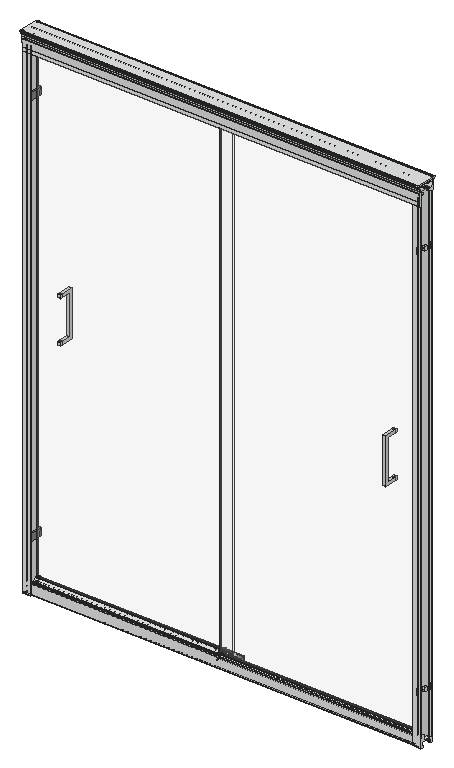
Revit family "Shower-Shower_Door-KOHLER-Fluence-K-702218", category Specialty Equipment, host Face, Revit 2021
Family settings
  Host = Face
  Round Connector Dimension = Use Diameter
  Part Type = Normal
  OmniClass Number = 23.31.17.17
  OmniClass Title = Shower Enclosures
  Cut with Voids When Loaded = No
  Shared = No
  Room Calculation Point = No
Parameters (values of type "SHP-Bright Polished Silver")
  Width [instance] = Walk thru + 31 177/256"  # 59 165/256"
  WaterSense Certified = 1 = 0  # no
  Walk thru [instance] = 27 61/64"
  URL = "https://www.us.kohler.com/us/"
  Type = 1
  Product Page URL = "https://www.us.kohler.com/us/catalog/productDetails.jsp?productId=702218-6L"
  Product Name = "Fluence\r\n"  # constant formula
  Product Documentation Link = "https://www.us.kohler.com/webassets/kpna/catalog/pdf/en/K-702218-6L_spec_US-CA_Kohler_en.pdf"
  Model = "K-702218-6L-SHP"  # constant formula
  Material = "Premium Metal Construction"  # constant formula
  Master Format 2014 Name = "Shower Doors"  # constant formula
  Master Format 2014 = "10 28 19.16"  # constant formula
  Manufacturer Address = "444 Highland Dr, Kohler, WI 53044"  # constant formula
  Manufacturer = "Kohler Co."  # constant formula
  Length = 4 165/256"  # constant formula
  Height = 75 23/32"  # constant formula
  Hardware Included = 1 = 1  # yes
  Finish = Kohler-Metal-SHP-Bright_Polished_Silver
  Environmental Product Declaration = ""
  Description = "54-5/8 Inch - 59-5/8 Inch W x 75-23/32 Inch H Sliding Shower Door With 1/4 Inch Thick Crystal Clear Glass"  # constant formula
  Default Elevation = 4"
  Declare Label = ""
  Date Modified = "08/17/2022"  # constant formula
  Date Created = "08/17/2022"  # constant formula
  Copyright = "Copyright Kohler Co."  # constant formula
  Contact Us = "https://www.us.kohler.com/us/static/contact.jsp"
  Assembly Code = "C1030200"
  ADA Compliant = 1 = 0  # no
Reference planes (in)
  plane 1 "Center (Front/Back)": y = 1.56652
  plane 2: z = 0
  plane 3 "Center (Left/Right)": x = 0
  plane 4: y = 3.89831
  plane 5: y = -0.74622
  plane 6: x = 29.11253
  plane 7: x = -30.532
  plane 8: x = 27.88913
  plane 9: z = 75.71875
  plane 10: z = 41.06021
  plane 11: z = 34.24721
  plane 12: z = 72.72675
  plane 13: x = -0.064
  plane 14: z = 1.62938
  plane 15: x = 24.62236
  plane 16: x = 25.12236
  plane 17: x = -26.06265
  plane 18: x = -26.5625
  plane 19: x = -3.0625
  plane 20: x = -1.439
  plane 21: x = 1.6129
  plane 22: z = 66.73713
  plane 23: z = 7.5
  plane 24: y = 3.134
  plane 25: y = 0
Dimensions and locks (in)
  locked: plane 7 to plane 3 "Center (Left/Right)" at 30.532
  "Width": plane 6 to plane 7
  locked: plane 13 to plane 7 at 30.468
  "Walk thru": plane 8 to plane 13
  plane 6 to plane 8 = 1.22341"
  plane 10 to plane 11 to level = 6.813", 34.24721"
  "Height": plane 9 to level
  "Length": plane 5 to plane 4
  locked: plane 15 to plane 6 at 4.49017
  locked: plane 16 to plane 6 at 3.99017
  aligned and locked: plane 2 to host face
  aligned and locked: level to host face
  aligned and locked: plane 3 "Center (Left/Right)" to nested 1
  aligned and locked: plane 6 to nested 1
  aligned and locked: plane 7 to nested 1
Automatic sketch dimensions
  host sketch curve to host sketch curve = 96"  (x2)
Nested families (in)
  nested 1: "K-702218" at (0, 0, 0), type "K-702218"
    with Width 59 165/256", Walk Thru 27.95162"
Definition of nested family "K-702218"
  Parameters (values of type "K-702218")
    Width = Walk Thru + 31.69291"  # 54.6063"
    Walk Thru = 22.91339"
    Material = none
    Default Elevation = 0"
  Reference planes (in)
    plane 1 "Center (Front/Back)": y = 0
    plane 2: z = 0
    plane 3 "Center (Left/Right)": x = 0
    plane 4: x = 24.0743
    plane 5: x = -30.532
    plane 6: y = 1.56652
    plane 7: x = 23.1673
    plane 8: y = 3.134
    plane 9: x = 22.84939
    plane 10: x = 23.5918
    plane 11: z = 75.71754
    plane 12: x = 19.58413
    plane 13: y = 3.89831
    plane 14: y = -0.74731
    plane 15: x = 20.08413
    plane 16: z = 34.24721
    plane 17 "wt": x = -0.064
    plane 18: x = -26.06265
    plane 19 "FP": x = -3.0625
    plane 20 "MP": x = 1.6129
    plane 21: x = -1.439
    plane 22: x = -26.5625
    plane 23: z = 72.72675
    plane 24: z = 1.62938
    plane 25: z = 41.06021
    plane 26: z = 66.73713
    plane 27: z = 7.5
  Forms (in)
    Extrusion 1, solid, material <- "Material", detail levels medium+fine
      sketch origin (29.093, 2.565, 0) x (0, 1, 0) y (0, 0, 1)
        loop
          line (-0.09022, 0.5137) -> (-0.22807, 0.5137)
          arc (-0.22807, 0.5137) -> (-0.25057, 0.4912) -> (-0.22807, 0.4687) r 0.0225
          line (-0.22807, 0.4687) -> (-0.06534, 0.4687)
          arc (-0.06534, 0.4687) -> (-0.05096, 0.46275) -> (-0.045, 0.44836) r 0.02034
          line (-0.045, 0.44836) -> (-0.045, 0.02241)
          arc (-0.045, 0.02241) -> (-0.0225, -0.00009) -> (0, 0.02241) r 0.0225
          line (0, 0.02241) -> (0, 0.53036) -> (-0.02, 0.565) -> (0, 0.59964) -> (0, 0.6346)
          arc (0, 0.6346) -> (-0.02337, 0.69243) -> (-0.08035, 0.71781) r 0.08326
          line (-0.08035, 0.71781) -> (-1.58747, 0.77044)
          arc (-1.58747, 0.77044) -> (-1.60203, 0.77692) -> (-1.608, 0.7917) r 0.02127
          line (-1.608, 0.7917) -> (-1.608, 0.88625)
          arc (-1.608, 0.88625) -> (-1.60222, 0.90022) -> (-1.58825, 0.906) r 0.01975
          line (-1.58825, 0.906) -> (-1.53212, 0.906)
          arc (-1.53212, 0.906) -> (-1.51817, 0.91194) -> (-1.51279, 0.92611) r 0.01935
          line (-1.51279, 0.92611) -> (-1.53698, 1.5443)
          arc (-1.53698, 1.5443) -> (-1.55307, 1.58284) -> (-1.59045, 1.60147) r 0.05985
          line (-1.59045, 1.60147) -> (-1.86846, 1.63103)
          arc (-1.86846, 1.63103) -> (-1.91436, 1.61616) -> (-1.934, 1.57209) r 0.05927
          line (-1.934, 1.57209) -> (-1.934, 0.01987)
          arc (-1.934, 0.01987) -> (-1.92818, 0.00582) -> (-1.91413, 0) r 0.01987
          line (-1.91413, 0) -> (-1.86764, 0)
          arc (-1.86764, 0) -> (-1.85362, 0.00828) -> (-1.85411, 0.02454) r 0.016
          arc (-1.85411, 0.02454) -> (-1.86729, 0.04224) -> (-1.88302, 0.05771) r 0.14406
          arc (-1.88302, 0.05771) -> (-1.8878, 0.0779) -> (-1.86988, 0.08836) r 0.01743
          arc (-1.86988, 0.08836) -> (-1.82545, 0.07962) -> (-1.78313, 0.06353) r 0.26803
          arc (-1.78313, 0.06353) -> (-1.74156, 0.07912) -> (-1.69803, 0.08787) r 0.27692
          arc (-1.69803, 0.08787) -> (-1.68058, 0.07794) -> (-1.68489, 0.05834) r 0.01692
          arc (-1.68489, 0.05834) -> (-1.70097, 0.0415) -> (-1.71379, 0.02207) r 0.13018
          arc (-1.71379, 0.02207) -> (-1.71346, 0.0073) -> (-1.7006, 0) r 0.01498
          line (-1.7006, 0) -> (-1.65471, 0)
          arc (-1.65471, 0) -> (-1.64006, 0.00606) -> (-1.634, 0.02071) r 0.02071
          line (-1.634, 0.02071) -> (-1.634, 0.08606)
          arc (-1.634, 0.08606) -> (-1.65237, 0.12719) -> (-1.69526, 0.14096) r 0.05523
          arc (-1.69526, 0.14096) -> (-1.74073, 0.13181) -> (-1.78385, 0.11476) r 0.26071
          arc (-1.78385, 0.11476) -> (-1.82519, 0.1319) -> (-1.86875, 0.14215) r 0.27697
          arc (-1.86875, 0.14215) -> (-1.88324, 0.15018) -> (-1.889, 0.16571) r 0.02382
          line (-1.889, 0.16571) -> (-1.889, 1.55999)
          arc (-1.889, 1.55999) -> (-1.88066, 1.57869) -> (-1.86118, 1.585) r 0.02516
          line (-1.86118, 1.585) -> (-1.60441, 1.5577)
          arc (-1.60441, 1.5577) -> (-1.58845, 1.54975) -> (-1.58158, 1.5333) r 0.02555
          line (-1.58158, 1.5333) -> (-1.5598, 0.9768)
          arc (-1.5598, 0.9768) -> (-1.568, 0.95699) -> (-1.58837, 0.95031) r 0.02565
          arc (-1.58837, 0.95031) -> (-1.6336, 0.93599) -> (-1.653, 0.8927) r 0.05799
          line (-1.653, 0.8927) -> (-1.653, 0.79158)
          arc (-1.653, 0.79158) -> (-1.63443, 0.74563) -> (-1.58916, 0.72547) r 0.06615
          line (-1.58916, 0.72547) -> (-0.27166, 0.67946)
          arc (-0.27166, 0.67946) -> (-0.25085, 0.6677) -> (-0.24852, 0.64391) r 0.02591
          arc (-0.24852, 0.64391) -> (-0.24647, 0.62474) -> (-0.22944, 0.6157) r 0.02056
          line (-0.22944, 0.6157) -> (-0.0898, 0.6157)
          arc (-0.0898, 0.6157) -> (-0.0758, 0.6099) -> (-0.07, 0.5959) r 0.0198
          line (-0.07, 0.5959) -> (-0.07, 0.53392)
          arc (-0.07, 0.53392) -> (-0.07592, 0.51963) -> (-0.09022, 0.5137) r 0.02022
      from -59.625 to -5.0187
    Extrusion 2, void
      sketch origin (0, 0, 0) x (0, 1, 0) y (0, 0, 1)
        loop
          line (1.00655, 1.63166) -> (0.58649, 1.66896) -> (0.58649, -0.19685) -> (2.5527, -0.19685) -> (2.5527, 0.74642) -> (1.14238, 0.79512)
          arc (1.14238, 0.79512) -> (1.10316, 0.81216) -> (1.0861, 0.85138) r 0.05833
          line (1.0861, 0.85138) -> (1.06084, 1.57438)
          arc (1.06084, 1.57438) -> (1.04453, 1.61329) -> (1.00655, 1.63166) r 0.0596
      from 22.84939 to 24.0743
    Extrusion 3, solid, material <- "Material", detail levels medium+fine
      sketch origin (0, 0, 0) x (1, 0, 0) y (0, 1, 0)
        loop
          line (-30.532, 2.615) -> (-30.532, 2.565) -> (-30.06986, 2.565)
          arc (-30.06986, 2.565) -> (-30.05582, 2.55918) -> (-30.05, 2.54514) r 0.01986
          line (-30.05, 2.54514) -> (-30.05, 0.60711)
          arc (-30.05, 0.60711) -> (-30.0562, 0.5922) -> (-30.07114, 0.58608) r 0.02103
          arc (-30.07114, 0.58608) -> (-30.30165, 0.58407) -> (-30.532, 0.57549) r 8.08435
          line (-30.532, 0.57549) -> (-30.532, 0.52591)
          arc (-30.532, 0.52591) -> (-29.94328, 0.53519) -> (-29.35471, 0.51888) r 13.54177
          arc (-29.35471, 0.51888) -> (-29.32915, 0.54196) -> (-29.35215, 0.5676) r 0.0244
          arc (-29.35215, 0.5676) -> (-29.66551, 0.58093) -> (-29.97912, 0.58597) r 11.87416
          arc (-29.97912, 0.58597) -> (-29.99389, 0.59213) -> (-30, 0.60691) r 0.02094
          line (-30, 0.60691) -> (-30, 2.573)
          arc (-30, 2.573) -> (-30.0123, 2.6027) -> (-30.042, 2.615) r 0.042
          line (-30.042, 2.615) -> (-30.532, 2.615)
      from 0 to 74.25
    Extrusion 4, solid, material <- "Material", detail levels medium+fine
      sketch origin (0, 0, 14.5694) x (0, 1, 0) y (0, 0, 1)
        loop
          line (2.03453, 61.04577) -> (2.99224, 61.04577)
          arc (2.99224, 61.04577) -> (3.00657, 61.03688) -> (3.00499, 61.0201) r 0.016
          arc (3.00499, 61.0201) -> (2.87918, 60.81442) -> (2.7966, 60.58789) r 1.211
          arc (2.7966, 60.58789) -> (2.71637, 60.22238) -> (2.66101, 59.85229) r 5.54
          arc (2.66101, 59.85229) -> (2.65362, 59.83805) -> (2.63863, 59.83234) r 0.02252
          line (2.63863, 59.83234) -> (2.48969, 59.83234)
          arc (2.48969, 59.83234) -> (2.47471, 59.82614) -> (2.4685, 59.81115) r 0.02119
          line (2.4685, 59.81115) -> (2.4685, 59.76897)
          arc (2.4685, 59.76897) -> (2.40117, 59.74779) -> (2.33201, 59.7337) r 0.68162
          arc (2.33201, 59.7337) -> (2.26784, 59.74404) -> (2.20551, 59.76251) r 0.50723
          arc (2.20551, 59.76251) -> (2.19317, 59.77202) -> (2.1885, 59.78689) r 0.02597
          line (2.1885, 59.78689) -> (2.1885, 59.88261)
          arc (2.1885, 59.88261) -> (2.16043, 59.88224) -> (2.1465, 59.85787) r 0.02829
          line (2.1465, 59.85787) -> (2.1465, 59.78781)
          arc (2.1465, 59.78781) -> (2.15528, 59.75294) -> (2.17952, 59.72637) r 0.07368
          arc (2.17952, 59.72637) -> (2.25361, 59.69187) -> (2.33455, 59.6806) r 0.27578
          arc (2.33455, 59.6806) -> (2.43391, 59.70024) -> (2.51946, 59.75445) r 0.27556
          arc (2.51946, 59.75445) -> (2.53463, 59.764) -> (2.55224, 59.76734) r 0.04811
          line (2.55224, 59.76734) -> (2.62922, 59.76734)
          arc (2.62922, 59.76734) -> (2.64424, 59.7608) -> (2.64968, 59.74533) r 0.02051
          arc (2.64968, 59.74533) -> (2.62367, 59.27166) -> (2.615, 58.79734) r 12.97575
          line (2.615, 58.79734) -> (2.615, 58.15734) -> (2.68, 58.15734) -> (2.68, 58.79734)
          arc (2.68, 58.79734) -> (2.69845, 59.40018) -> (2.75373, 60.00077) r 9.85743
          arc (2.75373, 60.00077) -> (2.77708, 60.15688) -> (2.80851, 60.31156) r 3.03223
          arc (2.80851, 60.31156) -> (2.83126, 60.42118) -> (2.85309, 60.53098) r 13.47898
          arc (2.85309, 60.53098) -> (2.89321, 60.67667) -> (2.95509, 60.81453) r 0.98771
          arc (2.95509, 60.81453) -> (2.99248, 60.88017) -> (3.03239, 60.94432) r 1.95097
          arc (3.03239, 60.94432) -> (3.04978, 60.97018) -> (3.06801, 60.99546) r 0.95804
          arc (3.06801, 60.99546) -> (3.09308, 61.0265) -> (3.12047, 61.05551) r 0.51768
          arc (3.12047, 61.05551) -> (3.13048, 61.07026) -> (3.134, 61.08773) r 0.04512
          line (3.134, 61.08773) -> (3.134, 61.11926)
          arc (3.134, 61.11926) -> (3.11557, 61.14398) -> (3.08477, 61.14528) r 0.03588
          arc (3.08477, 61.14528) -> (3.01387, 61.12322) -> (2.94, 61.11577) r 0.36985
          line (2.94, 61.11577) -> (0.194, 61.11577)
          arc (0.194, 61.11577) -> (0.12013, 61.12322) -> (0.04923, 61.14528) r 0.36985
          arc (0.04923, 61.14528) -> (0.01843, 61.14398) -> (0, 61.11926) r 0.03588
          line (0, 61.11926) -> (0, 61.08773)
          arc (0, 61.08773) -> (0.00352, 61.07026) -> (0.01353, 61.05551) r 0.04512
          arc (0.01353, 61.05551) -> (0.04092, 61.0265) -> (0.06599, 60.99546) r 0.51768
          arc (0.06599, 60.99546) -> (0.08422, 60.97018) -> (0.10161, 60.94432) r 0.95804
          arc (0.10161, 60.94432) -> (0.14152, 60.88017) -> (0.17891, 60.81453) r 1.95097
          arc (0.17891, 60.81453) -> (0.24079, 60.67667) -> (0.28091, 60.53098) r 0.98771
          arc (0.28091, 60.53098) -> (0.30274, 60.42118) -> (0.32549, 60.31156) r 13.47898
          arc (0.32549, 60.31156) -> (0.35692, 60.15688) -> (0.38027, 60.00077) r 3.03223
          arc (0.38027, 60.00077) -> (0.43555, 59.40018) -> (0.454, 58.79734) r 9.85743
          line (0.454, 58.79734) -> (0.454, 58.15734) -> (0.519, 58.15734) -> (0.519, 58.79734)
          arc (0.519, 58.79734) -> (0.51033, 59.27166) -> (0.48432, 59.74533) r 12.97575
          arc (0.48432, 59.74533) -> (0.48976, 59.7608) -> (0.50478, 59.76734) r 0.02051
          line (0.50478, 59.76734) -> (0.58176, 59.76734)
          arc (0.58176, 59.76734) -> (0.59937, 59.764) -> (0.61454, 59.75445) r 0.04811
          arc (0.61454, 59.75445) -> (0.70009, 59.70024) -> (0.79945, 59.6806) r 0.27556
          arc (0.79945, 59.6806) -> (0.88039, 59.69187) -> (0.95448, 59.72637) r 0.27578
          arc (0.95448, 59.72637) -> (0.97872, 59.75294) -> (0.9875, 59.78781) r 0.07368
          line (0.9875, 59.78781) -> (0.9875, 59.85787)
          arc (0.9875, 59.85787) -> (0.97357, 59.88224) -> (0.9455, 59.88261) r 0.02829
          line (0.9455, 59.88261) -> (0.9455, 59.78689)
          arc (0.9455, 59.78689) -> (0.94083, 59.77202) -> (0.92849, 59.76251) r 0.02597
          arc (0.92849, 59.76251) -> (0.86616, 59.74404) -> (0.80199, 59.7337) r 0.50723
          arc (0.80199, 59.7337) -> (0.73283, 59.74779) -> (0.6655, 59.76897) r 0.68162
          line (0.6655, 59.76897) -> (0.6655, 59.81115)
          arc (0.6655, 59.81115) -> (0.65929, 59.82614) -> (0.64431, 59.83234) r 0.02119
          line (0.64431, 59.83234) -> (0.49537, 59.83234)
          arc (0.49537, 59.83234) -> (0.48038, 59.83805) -> (0.47299, 59.85229) r 0.02252
          arc (0.47299, 59.85229) -> (0.41763, 60.22238) -> (0.3374, 60.58789) r 5.54
          arc (0.3374, 60.58789) -> (0.25482, 60.81442) -> (0.12901, 61.0201) r 1.211
          arc (0.12901, 61.0201) -> (0.12743, 61.03688) -> (0.14176, 61.04577) r 0.016
          line (0.14176, 61.04577) -> (1.09947, 61.04577) -> (1.09947, 60.8338)
          arc (1.09947, 60.8338) -> (1.09611, 60.81865) -> (1.08667, 60.80634) r 0.03584
          line (1.08667, 60.80634) -> (1.0005, 60.73404) -> (1.0005, 60.66877) -> (1.14947, 60.79377) -> (1.14947, 61.04577) -> (1.98453, 61.04577) -> (1.98453, 60.79377) -> (2.1335, 60.66877) -> (2.1335, 60.73404) -> (2.04972, 60.80434)
          arc (2.04972, 60.80434) -> (2.03851, 60.81894) -> (2.03453, 60.83691) r 0.04252
          line (2.03453, 60.83691) -> (2.03453, 61.04577)
      from -30.532 to 24.0743
    Revolve 5, solid, material <- "Material", detail levels medium+fine
      sketch origin (-3.0625, 10.06403, 48) x (0, 1, 0) y (0, 0, 1)
        loop
          line (-7.98724, 26.86124) -> (-8.01716, 26.83131) -> (-8.11549, 26.83131)
          arc (-8.11549, 26.83131) -> (-8.19247, 26.77246) -> (-8.22167, 26.68006) r 0.16082
          line (-8.22167, 26.68006) -> (-7.63243, 26.68006) -> (-7.63243, 27.0043)
          arc (-7.63243, 27.0043) -> (-7.77295, 27.05664) -> (-7.8628, 26.93658) r 0.12514
          line (-7.8628, 26.93658) -> (-7.8628, 26.86124) -> (-7.98724, 26.86124)
        axis (-8.22167, 26.68006) -> (-7.63243, 26.68006)
      angle from 0 to 360
    Extrusion 6, solid
      sketch origin (0, 0.02237, 0) x (1, 0, 0) y (0, 1, 0)
        loop
          spline (-1.33921, 1.20781) -> (-1.34451, 1.20017) -> (-1.34947, 1.19205) -> (-1.35404, 1.18348) -> (-1.35823, 1.17449) -> (-1.362, 1.16514) -> (-1.36534, 1.15545) -> (-1.36824, 1.14547) -> (-1.37069, 1.13524) -> (-1.37267, 1.12481) -> (-1.37417, 1.11422) -> (-1.3752, 1.10352) -> (-1.37574, 1.09275)
          spline (-1.37574, 1.09275) -> (-1.37532, 1.08199) -> (-1.3744, 1.0713) -> (-1.37298, 1.06072) -> (-1.37106, 1.0503) -> (-1.36865, 1.04009) -> (-1.36576, 1.03012) -> (-1.3624, 1.02044) -> (-1.3586, 1.01109) -> (-1.35435, 1.00212) -> (-1.34969, 0.99355) -> (-1.34464, 0.98544) -> (-1.3392, 0.97781)
          line (-1.3392, 0.97781) -> (23.04791, 0.97781)
          arc (23.04791, 0.97781) -> (23.07139, 1.09281) -> (23.04791, 1.20781) r 0.29334
          line (23.04791, 1.20781) -> (-1.33921, 1.20781)
      from 1.38601 to 73.99921
    Extrusion 7, solid
      sketch origin (0, -0.01533, -0.07679) x (0, 1, 0) y (0, 0, 1)
        loop
          line (1.82555, 1.89817) -> (1.54335, 1.44917)
          arc (1.54335, 1.44917) -> (1.55121, 1.4147) -> (1.58568, 1.42257) r 0.025
          line (1.58568, 1.42257) -> (1.858, 1.85583)
          arc (1.858, 1.85583) -> (1.87293, 1.86129) -> (1.88195, 1.8482) r 0.01298
          line (1.88195, 1.8482) -> (1.85669, 1.39636)
          arc (1.85669, 1.39636) -> (1.87223, 1.35389) -> (1.91377, 1.33601) r 0.05717
          line (1.91377, 1.33601) -> (2.16947, 1.33601)
          arc (2.16947, 1.33601) -> (2.21042, 1.35364) -> (2.22574, 1.39551) r 0.05636
          line (2.22574, 1.39551) -> (2.20098, 1.83834)
          arc (2.20098, 1.83834) -> (2.21177, 1.854) -> (2.22964, 1.84747) r 0.01553
          line (2.22964, 1.84747) -> (2.49731, 1.4216)
          arc (2.49731, 1.4216) -> (2.53178, 1.41374) -> (2.53964, 1.44821) r 0.025
          line (2.53964, 1.44821) -> (2.25616, 1.89924)
          arc (2.25616, 1.89924) -> (2.1896, 1.92358) -> (2.1494, 1.86522) r 0.05786
          line (2.1494, 1.86522) -> (2.15143, 1.82892)
          arc (2.15143, 1.82892) -> (2.13228, 1.80782) -> (2.15366, 1.78898) r 0.02
          line (2.15366, 1.78898) -> (2.15757, 1.71909)
          arc (2.15757, 1.71909) -> (2.13871, 1.69801) -> (2.1598, 1.67915) r 0.02
          line (2.1598, 1.67915) -> (2.16371, 1.60926)
          arc (2.16371, 1.60926) -> (2.14508, 1.58819) -> (2.16594, 1.56933) r 0.02
          line (2.16594, 1.56933) -> (2.17505, 1.40639)
          arc (2.17505, 1.40639) -> (2.1698, 1.39205) -> (2.15578, 1.38601) r 0.0193
          line (2.15578, 1.38601) -> (1.92695, 1.38601)
          arc (1.92695, 1.38601) -> (1.91269, 1.39215) -> (1.90735, 1.40673) r 0.01963
          line (1.90735, 1.40673) -> (1.91644, 1.56933)
          arc (1.91644, 1.56933) -> (1.93809, 1.58815) -> (1.91867, 1.60926) r 0.02001
          line (1.91867, 1.60926) -> (1.92258, 1.67915)
          arc (1.92258, 1.67915) -> (1.94359, 1.69801) -> (1.92481, 1.71909) r 0.02
          line (1.92481, 1.71909) -> (1.92872, 1.78898)
          arc (1.92872, 1.78898) -> (1.9497, 1.80784) -> (1.93095, 1.82892) r 0.02
          line (1.93095, 1.82892) -> (1.93291, 1.86396)
          arc (1.93291, 1.86396) -> (1.89248, 1.92265) -> (1.82555, 1.89817) r 0.05819
      from -29.625 to 0
    Extrusion 8, solid
      sketch origin (0, 0.02272, -0.07679) x (0, 1, 0) y (0, 0, 1)
        loop
          line (0.8773, 1.89817) -> (0.59509, 1.44917)
          arc (0.59509, 1.44917) -> (0.60296, 1.4147) -> (0.63743, 1.42257) r 0.025
          line (0.63743, 1.42257) -> (0.90974, 1.85583)
          arc (0.90974, 1.85583) -> (0.92467, 1.86129) -> (0.9337, 1.8482) r 0.01298
          line (0.9337, 1.8482) -> (0.90843, 1.39636)
          arc (0.90843, 1.39636) -> (0.92398, 1.35389) -> (0.96551, 1.33601) r 0.05717
          line (0.96551, 1.33601) -> (1.22121, 1.33601)
          arc (1.22121, 1.33601) -> (1.26216, 1.35364) -> (1.27748, 1.39551) r 0.05636
          line (1.27748, 1.39551) -> (1.25272, 1.83834)
          arc (1.25272, 1.83834) -> (1.26351, 1.854) -> (1.28138, 1.84747) r 0.01553
          line (1.28138, 1.84747) -> (1.54905, 1.4216)
          arc (1.54905, 1.4216) -> (1.58352, 1.41374) -> (1.59138, 1.44821) r 0.025
          line (1.59138, 1.44821) -> (1.3079, 1.89924)
          arc (1.3079, 1.89924) -> (1.24134, 1.92358) -> (1.20114, 1.86522) r 0.05786
          line (1.20114, 1.86522) -> (1.20317, 1.82892)
          arc (1.20317, 1.82892) -> (1.18402, 1.80782) -> (1.2054, 1.78898) r 0.02
          line (1.2054, 1.78898) -> (1.20931, 1.71909)
          arc (1.20931, 1.71909) -> (1.19045, 1.69801) -> (1.21154, 1.67915) r 0.02
          line (1.21154, 1.67915) -> (1.21545, 1.60926)
          arc (1.21545, 1.60926) -> (1.19682, 1.58819) -> (1.21768, 1.56933) r 0.02
          line (1.21768, 1.56933) -> (1.22679, 1.40639)
          arc (1.22679, 1.40639) -> (1.22155, 1.39205) -> (1.20752, 1.38601) r 0.0193
          line (1.20752, 1.38601) -> (0.97869, 1.38601)
          arc (0.97869, 1.38601) -> (0.96443, 1.39215) -> (0.95909, 1.40673) r 0.01963
          line (0.95909, 1.40673) -> (0.96818, 1.56933)
          arc (0.96818, 1.56933) -> (0.98983, 1.58815) -> (0.97041, 1.60926) r 0.02001
          line (0.97041, 1.60926) -> (0.97432, 1.67915)
          arc (0.97432, 1.67915) -> (0.99533, 1.69801) -> (0.97656, 1.71909) r 0.02
          line (0.97656, 1.71909) -> (0.98046, 1.78898)
          arc (0.98046, 1.78898) -> (1.00144, 1.80784) -> (0.9827, 1.82892) r 0.02
          line (0.9827, 1.82892) -> (0.98465, 1.86396)
          arc (0.98465, 1.86396) -> (0.94423, 1.92265) -> (0.8773, 1.89817) r 0.05819
      from 23.1673 to -1.439
    Extrusion 9, solid
      sketch origin (0, 0.93306, 0) x (1, 0, 0) y (0, 1, 0)
        loop
          line (-29.52628, 1.20781) -> (-29.5625, 1.09329) -> (-29.52598, 0.97781) -> (-0.10132, 0.97781)
          spline (-0.10132, 0.97781) -> (-0.0905, 0.99334) -> (-0.08134, 1.01081) -> (-0.07403, 1.02987) -> (-0.06871, 1.05016) -> (-0.06547, 1.07128) -> (-0.06438, 1.09281) -> (-0.06547, 1.11434) -> (-0.06871, 1.13546) -> (-0.07403, 1.15574) -> (-0.08135, 1.1748) -> (-0.0905, 1.19227) -> (-0.10132, 1.20781)
          line (-0.10132, 1.20781) -> (-29.52628, 1.20781)
      from 1.38601 to 73.99921
    Extrusion 10, solid, material <- "Material", detail levels medium+fine
      sketch origin (28.586, 1.56956, 56.562) x (1, 0, 0) y (0, 1, 0)
        loop
          line (-4.5117, 1.0395) -> (-5.0022, 1.0395)
          arc (-5.0022, 1.0395) -> (-5.0319, 1.0272) -> (-5.0442, 0.9975) r 0.042
          line (-5.0442, 0.9975) -> (-5.0442, -0.96859)
          arc (-5.0442, -0.96859) -> (-5.05032, -0.98337) -> (-5.06509, -0.98953) r 0.02094
          arc (-5.06509, -0.98953) -> (-5.38813, -0.99485) -> (-5.71091, -1.00896) r 11.87416
          arc (-5.71091, -1.00896) -> (-5.73382, -1.03458) -> (-5.70828, -1.05757) r 0.02434
          arc (-5.70828, -1.05757) -> (-5.11033, -1.04037) -> (-4.5122, -1.04959) r 13.54177
          line (-4.5122, -1.04959) -> (-4.5122, -1.00001)
          arc (-4.5122, -1.00001) -> (-4.74256, -0.99143) -> (-4.97306, -0.98942) r 8.08435
          arc (-4.97306, -0.98942) -> (-4.98801, -0.9833) -> (-4.9942, -0.96839) r 0.02103
          line (-4.9942, -0.96839) -> (-4.9942, 0.96964)
          arc (-4.9942, 0.96964) -> (-4.98839, 0.98368) -> (-4.97434, 0.9895) r 0.01986
          line (-4.97434, 0.9895) -> (-4.5117, 0.9895) -> (-4.5117, 1.0395)
      from -56.546 to 17.688
    Extrusion 11, void
      sketch origin (-66.88633, 0.00406, 0) x (0, 1, 0) y (0, 0, 1)
        loop
          line (1.00655, 1.63166) -> (0.58855, 1.66877) -> (0.58855, -0.19685) -> (2.54039, -0.19685) -> (2.54039, 0.74685) -> (1.14238, 0.79512)
          arc (1.14238, 0.79512) -> (1.10316, 0.81216) -> (1.0861, 0.85138) r 0.05833
          line (1.0861, 0.85138) -> (1.06084, 1.57438)
          arc (1.06084, 1.57438) -> (1.04453, 1.61329) -> (1.00655, 1.63166) r 0.0596
      from 36.35433 to 37.73228
    Extrusion 12, solid, detail levels medium+fine
      sketch origin (0, 0, 0) x (1, 0, 0) y (0, 1, 0)
        loop
          line (-29.86714, 2.80291) -> (-30.45149, 2.68382)
          arc (-30.45149, 2.68382) -> (-30.47914, 2.64627) -> (-30.44455, 2.615) r 0.03476
          line (-30.44455, 2.615) -> (-29.99032, 2.615)
          arc (-29.99032, 2.615) -> (-29.95262, 2.59938) -> (-29.937, 2.56168) r 0.05332
          line (-29.937, 2.56168) -> (-29.937, 0.62154) -> (-29.5625, 0.615) -> (-29.5625, 2.5541)
          arc (-29.5625, 2.5541) -> (-29.6558, 2.75077) -> (-29.86714, 2.80291) r 0.25393
      from 7 to 8
    Extrusion 13, solid, detail levels medium+fine
      sketch origin (0, 0, 59.3981) x (1, 0, 0) y (0, 1, 0)
        loop
          line (-29.86714, 2.80291) -> (-30.45149, 2.68382)
          arc (-30.45149, 2.68382) -> (-30.47914, 2.64627) -> (-30.44455, 2.615) r 0.03476
          line (-30.44455, 2.615) -> (-29.99032, 2.615)
          arc (-29.99032, 2.615) -> (-29.95262, 2.59938) -> (-29.937, 2.56168) r 0.05332
          line (-29.937, 2.56168) -> (-29.937, 0.62154) -> (-29.5625, 0.615) -> (-29.5625, 2.5541)
          arc (-29.5625, 2.5541) -> (-29.6558, 2.75077) -> (-29.86714, 2.80291) r 0.25393
      from 6.82972 to 7.82972
    Extrusion 14, solid, detail levels medium+fine
      sketch origin (0, 0, 59.3981) x (-1, 0, 0) y (0, -1, 0)
        loop
          arc (-23.38877, -2.80291) -> (-23.17743, -2.75077) -> (-23.08413, -2.5541) r 0.25393
          line (-23.08413, -2.5541) -> (-23.08413, -0.615) -> (-23.45863, -0.62154) -> (-23.45863, -2.56168)
          arc (-23.45863, -2.56168) -> (-23.47425, -2.59938) -> (-23.51195, -2.615) r 0.05332
          line (-23.51195, -2.615) -> (-23.96618, -2.615)
          arc (-23.96618, -2.615) -> (-24.00077, -2.64627) -> (-23.97312, -2.68382) r 0.03476
          line (-23.97312, -2.68382) -> (-23.38877, -2.80291)
      from 6.82972 to 7.82972
    Extrusion 15, solid, detail levels medium+fine
      sketch origin (0, 0, 15.97773) x (0, 1, 0) y (1, 0, 0)
        loop
          line (2.80291, 23.38877) -> (2.68382, 23.97312)
          arc (2.68382, 23.97312) -> (2.64627, 24.00077) -> (2.615, 23.96618) r 0.03476
          line (2.615, 23.96618) -> (2.615, 23.51195)
          arc (2.615, 23.51195) -> (2.59938, 23.47425) -> (2.56168, 23.45863) r 0.05332
          line (2.56168, 23.45863) -> (0.62154, 23.45863) -> (0.615, 23.08413) -> (2.5541, 23.08413)
          arc (2.5541, 23.08413) -> (2.75077, 23.17743) -> (2.80291, 23.38877) r 0.25393
      from 7.97773 to 8.97773
    Extrusion 16, solid, material <- "Material", detail levels medium+fine
      sketch origin (23.5918, 1.65731, 65.66581) x (0, 1, 0) y (0, 0, 1)
        loop
          arc (-0.2011, 1.30448) -> (-0.28823, 1.26838) -> (-0.32433, 1.18125) r 0.12323
          line (-0.32433, 1.18125) -> (-0.32433, 0.94274)
          arc (-0.32433, 0.94274) -> (-0.28823, 0.8556) -> (-0.2011, 0.81951) r 0.12323
          line (-0.2011, 0.81951) -> (0.03753, 0.81951)
          arc (0.03753, 0.81951) -> (0.12466, 0.8556) -> (0.16075, 0.94274) r 0.12323
          line (0.16075, 0.94274) -> (0.16075, 1.18122)
          arc (0.16075, 1.18122) -> (0.12465, 1.26838) -> (0.0375, 1.30448) r 0.12325
          line (0.0375, 1.30448) -> (-0.2011, 1.30448)
      from 0 to 0.41833
    Extrusion 17, solid, material <- "Material", detail levels medium+fine
      sketch origin (23.5918, 1.65731, 48) x (0, 1, 0) y (0, 0, 1)
        loop
          arc (-0.2011, -40.25752) -> (-0.28823, -40.29361) -> (-0.32433, -40.38075) r 0.12323
          line (-0.32433, -40.38075) -> (-0.32433, -40.61925)
          arc (-0.32433, -40.61925) -> (-0.28823, -40.70639) -> (-0.2011, -40.74248) r 0.12323
          line (-0.2011, -40.74248) -> (0.03753, -40.74248)
          arc (0.03753, -40.74248) -> (0.12466, -40.70639) -> (0.16075, -40.61925) r 0.12323
          line (0.16075, -40.61925) -> (0.16075, -40.38077)
          arc (0.16075, -40.38077) -> (0.12465, -40.29362) -> (0.0375, -40.25752) r 0.12325
          line (0.0375, -40.25752) -> (-0.2011, -40.25752)
      from 0 to 0.41833
    Extrusion 18, solid, material <- "Material", detail levels medium+fine
      sketch origin (-30, 1.78768, 65.66581) x (0, 1, 0) y (0, 0, 1)
        loop
          arc (-0.33146, 1.30448) -> (-0.4186, 1.26838) -> (-0.45469, 1.18125) r 0.12323
          line (-0.45469, 1.18125) -> (-0.45469, 0.94274)
          arc (-0.45469, 0.94274) -> (-0.4186, 0.8556) -> (-0.33146, 0.81951) r 0.12323
          line (-0.33146, 0.81951) -> (-0.09284, 0.81951)
          arc (-0.09284, 0.81951) -> (-0.00571, 0.8556) -> (0.03039, 0.94274) r 0.12323
          line (0.03039, 0.94274) -> (0.03039, 1.18122)
          arc (0.03039, 1.18122) -> (-0.00571, 1.26838) -> (-0.09286, 1.30448) r 0.12325
          line (-0.09286, 1.30448) -> (-0.33146, 1.30448)
      from 0 to -0.4885
    Extrusion 19, solid, material <- "Material", detail levels medium+fine
      sketch origin (-30, 1.78768, 48) x (0, 1, 0) y (0, 0, 1)
        loop
          arc (-0.33146, -40.25752) -> (-0.4186, -40.29361) -> (-0.45469, -40.38075) r 0.12323
          line (-0.45469, -40.38075) -> (-0.45469, -40.61925)
          arc (-0.45469, -40.61925) -> (-0.4186, -40.70639) -> (-0.33146, -40.74248) r 0.12323
          line (-0.33146, -40.74248) -> (-0.09284, -40.74248)
          arc (-0.09284, -40.74248) -> (-0.00571, -40.70639) -> (0.03039, -40.61925) r 0.12323
          line (0.03039, -40.61925) -> (0.03039, -40.38077)
          arc (0.03039, -40.38077) -> (-0.00571, -40.29362) -> (-0.09286, -40.25752) r 0.12325
          line (-0.09286, -40.25752) -> (-0.33146, -40.25752)
      from 0 to -0.4885
    Extrusion 20, solid, detail levels medium+fine
      sketch origin (0, 0, 0) x (0, 1, 0) y (0, 0, 1)
        loop
          line (2.43945, 0.79943) -> (2.02062, 0.81406)
          arc (2.02062, 0.81406) -> (1.97427, 0.83421) -> (1.95412, 0.88056) r 0.06895
          line (1.95412, 0.88056) -> (1.93061, 1.55384)
          arc (1.93061, 1.55384) -> (1.91287, 1.59368) -> (1.87243, 1.61003) r 0.05822
          line (1.87243, 1.61003) -> (1.76398, 1.61003)
          arc (1.76398, 1.61003) -> (1.72634, 1.59482) -> (1.70982, 1.55772) r 0.05419
          line (1.70982, 1.55772) -> (1.68665, 0.89421)
          arc (1.68665, 0.89421) -> (1.66493, 0.84654) -> (1.61586, 0.82819) r 0.06844
          line (1.61586, 0.82819) -> (1.09033, 0.84655)
          arc (1.09033, 0.84655) -> (1.06923, 0.85201) -> (1.05242, 0.86589) r 0.0503
          arc (1.05242, 0.86589) -> (1.02188, 0.88795) -> (0.98428, 0.8902) r 0.06747
          line (0.98428, 0.8902) -> (0.98082, 0.79106)
          arc (0.98082, 0.79106) -> (0.98638, 0.7762) -> (1.00081, 0.76962) r 0.02073
          line (1.00081, 0.76962) -> (2.48477, 0.7178)
          arc (2.48477, 0.7178) -> (2.5414, 0.69274) -> (2.56498, 0.63547) r 0.08311
          line (2.56498, 0.63547) -> (2.56908, 0.16565)
          arc (2.56908, 0.16565) -> (2.57523, 0.15106) -> (2.58988, 0.14503) r 0.02081
          line (2.58988, 0.14503) -> (2.65428, 0.14503) -> (2.65428, 1.54855)
          arc (2.65428, 1.54855) -> (2.59282, 1.6111) -> (2.52921, 1.55074) r 0.06255
          line (2.52921, 1.55074) -> (2.50511, 0.86067)
          arc (2.50511, 0.86067) -> (2.48496, 0.81645) -> (2.43945, 0.79943) r 0.06349
      from -2.04064 to 0.96924
    Extrusion 21, solid, material <- "Material", detail levels coarse
      sketch origin (0, 0, 0) x (0, 1, 0) y (0, 0, 1)
        loop
          line (0, 75.70419) -> (0, 75.62485)
          arc (0, 75.62485) -> (0.29218, 74.8322) -> (0.43285, 73.99921) r 4.55195
          line (0.43285, 73.99921) -> (2.70115, 73.99921)
          arc (2.70115, 73.99921) -> (2.84182, 74.8322) -> (3.134, 75.62485) r 4.55195
          line (3.134, 75.62485) -> (3.134, 75.70419) -> (0, 75.70419)
        loop
          line (0.48151, 0) -> (2.65428, 0) -> (2.65428, 1.25921) -> (0.48151, 1.25921) -> (0.48151, 0)
      from -30.532 to 24.0743
    Extrusion 22, solid, material <- "Material", detail levels coarse
      sketch origin (0, 0, 0) x (1, 0, 0) y (0, 1, 0)
        loop
          line (-30.532, 2.64087) -> (-30.532, 0.48151) -> (-29.56628, 0.48151) -> (-29.56628, 2.64087) -> (-30.532, 2.64087)
        loop
          line (24.0743, 0.48111) -> (24.0743, 2.64015) -> (23.06712, 2.64015) -> (23.06712, 0.48111) -> (24.0743, 0.48111)
      from 1.25921 to 73.99921
    Extrusion 23, solid, material <- "Material", detail levels medium+fine
      sketch origin (1.6129, 8.30769, 48) x (0, -1, 0) y (0, 0, 1)
        loop
          line (7.42651, 24.90978) -> (7.42651, 25.94914)
          arc (7.42651, 25.94914) -> (7.38851, 26.04503) -> (7.29515, 26.08887) r 0.14
          arc (7.29515, 26.08887) -> (7.25347, 26.10845) -> (7.23651, 26.15125) r 0.0625
          line (7.23651, 26.15125) -> (7.23651, 26.93114)
          arc (7.23651, 26.93114) -> (7.19651, 26.97114) -> (7.15651, 26.93114) r 0.04
          line (7.15651, 26.93114) -> (7.15651, 26.15125)
          arc (7.15651, 26.15125) -> (7.13955, 26.10845) -> (7.09787, 26.08887) r 0.0625
          arc (7.09787, 26.08887) -> (7.0045, 26.04503) -> (6.96651, 25.94914) r 0.14
          line (6.96651, 25.94914) -> (6.96651, 24.91026)
          arc (6.96651, 24.91026) -> (6.97252, 24.89527) -> (6.98723, 24.88858) r 0.02171
          arc (6.98723, 24.88858) -> (7.01137, 24.89763) -> (7.02151, 24.92134) r 0.03279
          line (7.02151, 24.92134) -> (7.06151, 24.92134) -> (7.06151, 25.94923)
          arc (7.06151, 25.94923) -> (7.08784, 26.01281) -> (7.15142, 26.03914) r 0.08991
          line (7.15142, 26.03914) -> (7.23078, 26.03914)
          arc (7.23078, 26.03914) -> (7.29069, 26.01432) -> (7.31551, 25.95441) r 0.08473
          line (7.31551, 25.95441) -> (7.31551, 24.92134) -> (7.37151, 24.92134)
          arc (7.37151, 24.92134) -> (7.38215, 24.89715) -> (7.40718, 24.88867) r 0.03279
          arc (7.40718, 24.88867) -> (7.42095, 24.89547) -> (7.42651, 24.90978) r 0.02119
      from 0.62992 to -0.62992
    Extrusion 24, solid, material <- "Material", detail levels medium+fine
      sketch origin (-3.0625, 10.06403, 48) x (0, 1, 0) y (0, 0, 1)
        loop
          line (-7.81217, 24.90978) -> (-7.81217, 25.94914)
          arc (-7.81217, 25.94914) -> (-7.85016, 26.04503) -> (-7.94352, 26.08887) r 0.14
          arc (-7.94352, 26.08887) -> (-7.9852, 26.10845) -> (-8.00217, 26.15125) r 0.0625
          line (-8.00217, 26.15125) -> (-8.00217, 26.93114)
          arc (-8.00217, 26.93114) -> (-8.04217, 26.97114) -> (-8.08217, 26.93114) r 0.04
          line (-8.08217, 26.93114) -> (-8.08217, 26.15125)
          arc (-8.08217, 26.15125) -> (-8.09913, 26.10845) -> (-8.14081, 26.08887) r 0.0625
          arc (-8.14081, 26.08887) -> (-8.23417, 26.04503) -> (-8.27217, 25.94914) r 0.14
          line (-8.27217, 25.94914) -> (-8.27217, 24.91026)
          arc (-8.27217, 24.91026) -> (-8.26615, 24.89527) -> (-8.25145, 24.88858) r 0.02171
          arc (-8.25145, 24.88858) -> (-8.2273, 24.89763) -> (-8.21717, 24.92134) r 0.03279
          line (-8.21717, 24.92134) -> (-8.17717, 24.92134) -> (-8.17717, 25.94923)
          arc (-8.17717, 25.94923) -> (-8.15083, 26.01281) -> (-8.08725, 26.03914) r 0.08991
          line (-8.08725, 26.03914) -> (-8.00789, 26.03914)
          arc (-8.00789, 26.03914) -> (-7.94798, 26.01432) -> (-7.92317, 25.95441) r 0.08473
          line (-7.92317, 25.95441) -> (-7.92317, 24.92134) -> (-7.86717, 24.92134)
          arc (-7.86717, 24.92134) -> (-7.85652, 24.89715) -> (-7.8315, 24.88867) r 0.03279
          arc (-7.8315, 24.88867) -> (-7.81773, 24.89547) -> (-7.81217, 24.90978) r 0.02119
      from 0.62992 to -0.62992
    Extrusion 25, solid, material <- "Material", detail levels medium+fine
      sketch origin (-26.5625, 9.99803, 48) x (0, 1, 0) y (0, 0, 1)
        loop
          line (-7.74617, 24.90978) -> (-7.74617, 25.94914)
          arc (-7.74617, 25.94914) -> (-7.78416, 26.04503) -> (-7.87752, 26.08887) r 0.14
          arc (-7.87752, 26.08887) -> (-7.9192, 26.10845) -> (-7.93617, 26.15125) r 0.0625
          line (-7.93617, 26.15125) -> (-7.93617, 26.93114)
          arc (-7.93617, 26.93114) -> (-7.97617, 26.97114) -> (-8.01617, 26.93114) r 0.04
          line (-8.01617, 26.93114) -> (-8.01617, 26.15125)
          arc (-8.01617, 26.15125) -> (-8.03313, 26.10845) -> (-8.07481, 26.08887) r 0.0625
          arc (-8.07481, 26.08887) -> (-8.16817, 26.04503) -> (-8.20617, 25.94914) r 0.14
          line (-8.20617, 25.94914) -> (-8.20617, 24.91026)
          arc (-8.20617, 24.91026) -> (-8.20015, 24.89527) -> (-8.18545, 24.88858) r 0.02171
          arc (-8.18545, 24.88858) -> (-8.1613, 24.89763) -> (-8.15117, 24.92134) r 0.03279
          line (-8.15117, 24.92134) -> (-8.11117, 24.92134) -> (-8.11117, 25.94923)
          arc (-8.11117, 25.94923) -> (-8.08483, 26.01281) -> (-8.02125, 26.03914) r 0.08991
          line (-8.02125, 26.03914) -> (-7.94189, 26.03914)
          arc (-7.94189, 26.03914) -> (-7.88198, 26.01432) -> (-7.85717, 25.95441) r 0.08473
          line (-7.85717, 25.95441) -> (-7.85717, 24.92134) -> (-7.80117, 24.92134)
          arc (-7.80117, 24.92134) -> (-7.79052, 24.89715) -> (-7.7655, 24.88867) r 0.03279
          arc (-7.7655, 24.88867) -> (-7.75173, 24.89547) -> (-7.74617, 24.90978) r 0.02119
      from 0.62992 to -0.62992
    Extrusion 26, solid, material <- "Material", detail levels medium+fine
      sketch origin (20.08413, 1.28618, 48) x (0, 1, 0) y (0, 0, 1)
        loop
          arc (-0.405, 24.90978) -> (-0.39944, 24.89547) -> (-0.38567, 24.88867) r 0.02119
          arc (-0.38567, 24.88867) -> (-0.36064, 24.89715) -> (-0.35, 24.92134) r 0.03279
          line (-0.35, 24.92134) -> (-0.294, 24.92134) -> (-0.294, 25.95441)
          arc (-0.294, 25.95441) -> (-0.26918, 26.01432) -> (-0.20927, 26.03914) r 0.08473
          line (-0.20927, 26.03914) -> (-0.12991, 26.03914)
          arc (-0.12991, 26.03914) -> (-0.06633, 26.01281) -> (-0.04, 25.94923) r 0.08991
          line (-0.04, 25.94923) -> (-0.04, 24.92134) -> (0, 24.92134)
          arc (0, 24.92134) -> (0.01014, 24.89763) -> (0.03428, 24.88858) r 0.03279
          arc (0.03428, 24.88858) -> (0.04899, 24.89527) -> (0.055, 24.91026) r 0.02171
          line (0.055, 24.91026) -> (0.055, 25.94914)
          arc (0.055, 25.94914) -> (0.017, 26.04503) -> (-0.07636, 26.08887) r 0.14
          arc (-0.07636, 26.08887) -> (-0.11804, 26.10845) -> (-0.135, 26.15125) r 0.0625
          line (-0.135, 26.15125) -> (-0.135, 26.93114)
          arc (-0.135, 26.93114) -> (-0.175, 26.97114) -> (-0.215, 26.93114) r 0.04
          line (-0.215, 26.93114) -> (-0.215, 26.15125)
          arc (-0.215, 26.15125) -> (-0.23196, 26.10845) -> (-0.27364, 26.08887) r 0.0625
          arc (-0.27364, 26.08887) -> (-0.367, 26.04503) -> (-0.405, 25.94914) r 0.14
          line (-0.405, 25.94914) -> (-0.405, 24.90978)
      from 0.62992 to -0.62992
    Revolve 27, solid, material <- "Material", detail levels medium+fine
      sketch origin (20.08413, 1.28618, 48) x (0, 1, 0) y (0, 0, 1)
        loop
          line (-0.22993, 26.86124) -> (-0.35437, 26.86124) -> (-0.35437, 26.93658)
          arc (-0.35437, 26.93658) -> (-0.44421, 27.05664) -> (-0.58473, 27.0043) r 0.12514
          line (-0.58473, 27.0043) -> (-0.58473, 26.68006) -> (0.0045, 26.68006)
          arc (0.0045, 26.68006) -> (-0.02469, 26.77246) -> (-0.10167, 26.83131) r 0.16082
          line (-0.10167, 26.83131) -> (-0.20001, 26.83131) -> (-0.22993, 26.86124)
        axis (0.0045, 26.68006) -> (-0.58473, 26.68006)
      angle from 0 to 360
    Revolve 28, solid, material <- "Material", detail levels medium+fine
      sketch origin (-26.5625, 9.99803, 48) x (0, 1, 0) y (0, 0, 1)
        loop
          line (-7.92124, 26.86124) -> (-7.95116, 26.83131) -> (-8.04949, 26.83131)
          arc (-8.04949, 26.83131) -> (-8.12647, 26.77246) -> (-8.15567, 26.68006) r 0.16082
          line (-8.15567, 26.68006) -> (-7.56643, 26.68006) -> (-7.56643, 27.0043)
          arc (-7.56643, 27.0043) -> (-7.70695, 27.05664) -> (-7.7968, 26.93658) r 0.12514
          line (-7.7968, 26.93658) -> (-7.7968, 26.86124) -> (-7.92124, 26.86124)
        axis (-8.15567, 26.68006) -> (-7.56643, 26.68006)
      angle from 0 to 360
    Revolve 29, solid, material <- "Material", detail levels medium+fine
      sketch origin (1.6129, 8.30769, 48) x (0, -1, 0) y (0, 0, 1)
        loop
          line (7.25144, 26.86124) -> (7.22151, 26.83131) -> (7.12318, 26.83131)
          arc (7.12318, 26.83131) -> (7.0462, 26.77246) -> (7.01701, 26.68006) r 0.16082
          line (7.01701, 26.68006) -> (7.60624, 26.68006) -> (7.60624, 27.0043)
          arc (7.60624, 27.0043) -> (7.46572, 27.05664) -> (7.37588, 26.93658) r 0.12514
          line (7.37588, 26.93658) -> (7.37588, 26.86124) -> (7.25144, 26.86124)
        axis (7.01701, 26.68006) -> (7.60624, 26.68006)
      angle from 0 to 360
    Sweep 30, solid
      path origin (19.58413, -0.74731, 48) x (0, 1, 0) y (0, 0, 1)
        loop
          line (1.74749, -7.15879) -> (0.219, -7.15879) -> (0.219, -13.53379) -> (1.74749, -13.53379)
      profile origin (19.58413, 0.23593, 40.84121) x (0, 0, -1) y (1, 0, 0)
        loop
          line (-0.219, 0.219) -> (-0.219, -0.219) -> (0.219, -0.219) -> (0.219, 0.219) -> (-0.219, 0.219)
    Sweep 31, solid
      path origin (-26.06265, 3.89831, 48) x (0, 1, 0) y (0, 0, 1)
        loop
          line (-1.75745, -7.15879) -> (-0.219, -7.15879) -> (-0.219, -13.53379) -> (-1.75745, -13.53379)
      profile origin (-26.06265, 2.91009, 40.84121) x (0, 0, 1) y (1, 0, 0)
        loop
          line (0.219, 0.219) -> (-0.219, 0.219) -> (-0.219, -0.219) -> (0.219, -0.219) -> (0.219, 0.219)
    Extrusion 32, solid
      sketch origin (19.58413, -0.74731, 48) x (0, 1, 0) y (0, 0, 1)
        loop
          line (1.97746, -7.37779) -> (2.17781, -7.37779) -> (2.17781, -6.93979) -> (1.97746, -6.93979) -> (1.97746, -7.37779)
        loop
          line (2.17781, -13.75279) -> (2.17781, -13.31479) -> (1.97746, -13.31479) -> (1.97746, -13.75279) -> (2.17781, -13.75279)
      from 0.219 to -0.219
    Extrusion 33, solid
      sketch origin (-26.06265, 3.89831, 48) x (0, 1, 0) y (0, 0, 1)
        loop
          line (-2.18779, -7.37779) -> (-1.98731, -7.37779) -> (-1.98731, -6.93979) -> (-2.18779, -6.93979) -> (-2.18779, -7.37779)
        loop
          line (-2.18779, -13.75279) -> (-1.98731, -13.75279) -> (-1.98731, -13.31479) -> (-2.18779, -13.31479) -> (-2.18779, -13.75279)
      from -0.219 to 0.22047
  Cuts and joins
    Extrusion 2, Extrusion 11 cuts Extrusion 10
    Extrusion 11 cuts Extrusion 3
    joined: Extrusion 21, Extrusion 22
  Lines and regions (in)
    Masking region 1
      outline origin (25.14417, 2.44719, 48) x (0, 1, 0) y (0, 0, 1)
        loop
          arc (0.4045, 27.08752) -> (0.44462, 27.23321) -> (0.5065, 27.37107) r 0.98771
          arc (0.5065, 27.37107) -> (0.54389, 27.43671) -> (0.58379, 27.50086) r 1.95097
          arc (0.58379, 27.50086) -> (0.60119, 27.52672) -> (0.61942, 27.552) r 0.95804
          arc (0.61942, 27.552) -> (0.64449, 27.58303) -> (0.67188, 27.61205) r 0.51768
          arc (0.67188, 27.61205) -> (0.68189, 27.62679) -> (0.68541, 27.64426) r 0.04512
          line (0.68541, 27.64426) -> (0.68541, 27.68811)
          arc (0.68541, 27.68811) -> (0.66698, 27.71282) -> (0.63617, 27.71412) r 0.03588
          arc (0.63617, 27.71412) -> (0.56528, 27.69206) -> (0.49141, 27.68461) r 0.36985
          line (0.49141, 27.68461) -> (-2.25555, 27.68461)
          arc (-2.25555, 27.68461) -> (-2.32942, 27.69206) -> (-2.40032, 27.71412) r 0.36985
          arc (-2.40032, 27.71412) -> (-2.43112, 27.71282) -> (-2.44955, 27.68811) r 0.03588
          line (-2.44955, 27.68811) -> (-2.44955, 27.64426)
          arc (-2.44955, 27.64426) -> (-2.44603, 27.62679) -> (-2.43602, 27.61205) r 0.04512
          arc (-2.43602, 27.61205) -> (-2.40863, 27.58303) -> (-2.38356, 27.552) r 0.51768
          arc (-2.38356, 27.552) -> (-2.36533, 27.52672) -> (-2.34794, 27.50086) r 0.95804
          arc (-2.34794, 27.50086) -> (-2.30803, 27.43671) -> (-2.27064, 27.37107) r 1.95097
          arc (-2.27064, 27.37107) -> (-2.20877, 27.23321) -> (-2.16865, 27.08752) r 0.98771
          arc (-2.16865, 27.08752) -> (-2.14681, 26.97772) -> (-2.12406, 26.8681) r 13.47898
          arc (-2.12406, 26.8681) -> (-2.09263, 26.71341) -> (-2.06929, 26.5573) r 3.03223
          arc (-2.06929, 26.5573) -> (-2.01376, 25.95669) -> (-1.99555, 25.35388) r 9.98622
          line (-1.99555, 25.35388) -> (-1.99555, 24.72675) -> (-1.93055, 24.72675) -> (-1.93055, -6.93979) -> (-3.1945, -6.93979) -> (-3.1945, -13.75279) -> (-1.93052, -13.75279) -> (-1.93052, -48) -> (-1.86259, -48) -> (-1.86259, -46.33064) -> (-1.72291, -46.34304) -> (-1.74004, -46.37031)
          arc (-1.74004, -46.37031) -> (-1.79359, -46.38165) -> (-1.81759, -46.43083) r 0.06239
          line (-1.81759, -46.43083) -> (-1.81759, -46.49505) -> (-1.85339, -46.55055)
          arc (-1.85339, -46.55055) -> (-1.84949, -46.58231) -> (-1.81759, -46.58432) r 0.025
          line (-1.81759, -46.58432) -> (-1.81759, -47.98013)
          arc (-1.81759, -47.98013) -> (-1.81177, -47.99418) -> (-1.79772, -48) r 0.01987
          line (-1.79772, -48) -> (-1.75123, -48)
          arc (-1.75123, -48) -> (-1.73722, -47.99172) -> (-1.7377, -47.97546) r 0.016
          arc (-1.7377, -47.97546) -> (-1.75088, -47.95776) -> (-1.76661, -47.94229) r 0.14406
          arc (-1.76661, -47.94229) -> (-1.77139, -47.9221) -> (-1.75347, -47.91164) r 0.01743
          arc (-1.75347, -47.91164) -> (-1.70904, -47.92038) -> (-1.66672, -47.93647) r 0.26803
          arc (-1.66672, -47.93647) -> (-1.62515, -47.92088) -> (-1.58162, -47.91213) r 0.27692
          arc (-1.58162, -47.91213) -> (-1.56417, -47.92206) -> (-1.56849, -47.94166) r 0.01692
          arc (-1.56849, -47.94166) -> (-1.58456, -47.9585) -> (-1.59738, -47.97793) r 0.13018
          arc (-1.59738, -47.97793) -> (-1.59705, -47.9927) -> (-1.5842, -48) r 0.01498
          line (-1.5842, -48) -> (-1.5383, -48)
          arc (-1.5383, -48) -> (-1.52366, -47.99394) -> (-1.51759, -47.97929) r 0.02071
          line (-1.51759, -47.97929) -> (-1.51759, -47.91394)
          arc (-1.51759, -47.91394) -> (-1.53596, -47.87281) -> (-1.57885, -47.85904) r 0.05523
          arc (-1.57885, -47.85904) -> (-1.62432, -47.86819) -> (-1.66744, -47.88524) r 0.26071
          arc (-1.66744, -47.88524) -> (-1.70878, -47.8681) -> (-1.75234, -47.85785) r 0.27697
          arc (-1.75234, -47.85785) -> (-1.76683, -47.84982) -> (-1.77259, -47.83429) r 0.02382
          line (-1.77259, -47.83429) -> (-1.77259, -46.51586) -> (-1.71143, -46.41854) -> (-1.53101, -46.43773) -> (-1.53986, -46.59612)
          arc (-1.53986, -46.59612) -> (-1.51585, -46.65093) -> (-1.45745, -46.66399) r 0.06622
          line (-1.45745, -46.66399) -> (-1.44304, -47.03237)
          arc (-1.44304, -47.03237) -> (-1.44916, -47.04587) -> (-1.46363, -47.04905) r 0.01654
          arc (-1.46363, -47.04905) -> (-1.51568, -47.0609) -> (-1.53659, -47.11) r 0.05867
          line (-1.53659, -47.11) -> (-1.53659, -47.21231)
          arc (-1.53659, -47.21231) -> (-1.51916, -47.25546) -> (-1.47663, -47.2744) r 0.06213
          line (-1.47663, -47.2744) -> (-0.15429, -47.32057)
          arc (-0.15429, -47.32057) -> (-0.13961, -47.32711) -> (-0.13359, -47.342) r 0.02144
          line (-0.13359, -47.342) -> (-0.13359, -47.3843) -> (0.02449, -47.3843)
          arc (0.02449, -47.3843) -> (0.03999, -47.39072) -> (0.04641, -47.40621) r 0.02191
          line (0.04641, -47.40621) -> (0.04641, -47.46626)
          arc (0.04641, -47.46626) -> (0.04054, -47.48043) -> (0.02637, -47.4863) r 0.02004
          line (0.02637, -47.4863) -> (-0.11161, -47.4863)
          arc (-0.11161, -47.4863) -> (-0.13411, -47.5088) -> (-0.11161, -47.5313) r 0.0225
          line (-0.11161, -47.5313) -> (0.05054, -47.5313)
          arc (0.05054, -47.5313) -> (0.0653, -47.53741) -> (0.07141, -47.55216) r 0.02086
          line (0.07141, -47.55216) -> (0.07141, -47.97969)
          arc (0.07141, -47.97969) -> (0.07736, -47.99405) -> (0.09172, -48) r 0.02031
          line (0.09172, -48) -> (0.16641, -48) -> (0.16641, -47.85497) -> (0.20569, -47.85497) -> (0.20569, -46.44998)
          arc (0.20569, -46.44998) -> (0.19491, -46.41549) -> (0.16641, -46.39328) r 0.06056
          line (0.16641, -46.39328) -> (0.16641, -40.9728)
          arc (0.16641, -40.9728) -> (0.30732, -40.86001) -> (0.36042, -40.6875) r 0.30677
          line (0.36042, -40.6875) -> (0.36042, -40.3125)
          arc (0.36042, -40.3125) -> (0.30735, -40.13959) -> (0.16641, -40.02623) r 0.3082
          line (0.16641, -40.02623) -> (0.16641, -13.75279) -> (1.45112, -13.75279) -> (1.45112, -6.93979) -> (0.16641, -6.93979) -> (0.16641, 18.2642)
          arc (0.16641, 18.2642) -> (0.30753, 18.3841) -> (0.36028, 18.5616) r 0.32503
          line (0.36028, 18.5616) -> (0.36028, 18.92467)
          arc (0.36028, 18.92467) -> (0.3072, 19.09671) -> (0.16641, 19.20893) r 0.30533
          line (0.16641, 19.20893) -> (0.16641, 24.72675) -> (0.23141, 24.72675) -> (0.23141, 25.35388)
          arc (0.23141, 25.35388) -> (0.24986, 25.95672) -> (0.30514, 26.5573) r 9.85743
          arc (0.30514, 26.5573) -> (0.32848, 26.71341) -> (0.35992, 26.8681) r 3.03223
          arc (0.35992, 26.8681) -> (0.38266, 26.97772) -> (0.4045, 27.08752) r 13.47898
        loop
          arc (0.5564, 27.5895) -> (0.55798, 27.60629) -> (0.54365, 27.61517) r 0.016
          line (0.54365, 27.61517) -> (-0.39357, 27.61517)
          arc (-0.39357, 27.61517) -> (-0.40806, 27.60917) -> (-0.41406, 27.59468) r 0.02049
          line (-0.41406, 27.59468) -> (-0.41406, 27.39345)
          arc (-0.41406, 27.39345) -> (-0.41008, 27.37548) -> (-0.39887, 27.36088) r 0.04252
          line (-0.39887, 27.36088) -> (-0.31509, 27.29057) -> (-0.31509, 27.2253) -> (-0.46406, 27.3503) -> (-0.46406, 27.58183)
          arc (-0.46406, 27.58183) -> (-0.47006, 27.59631) -> (-0.48453, 27.6023) r 0.02047
          line (-0.48453, 27.6023) -> (-1.27961, 27.6023)
          arc (-1.27961, 27.6023) -> (-1.29409, 27.59631) -> (-1.30008, 27.58183) r 0.02047
          line (-1.30008, 27.58183) -> (-1.30008, 27.3503) -> (-1.44905, 27.2253) -> (-1.44905, 27.29057) -> (-1.36527, 27.36088)
          arc (-1.36527, 27.36088) -> (-1.35407, 27.37548) -> (-1.35008, 27.39345) r 0.04252
          line (-1.35008, 27.39345) -> (-1.35008, 27.59411)
          arc (-1.35008, 27.59411) -> (-1.35625, 27.609) -> (-1.37114, 27.61517) r 0.02106
          line (-1.37114, 27.61517) -> (-2.30779, 27.61517)
          arc (-2.30779, 27.61517) -> (-2.32212, 27.60629) -> (-2.32054, 27.5895) r 0.016
          arc (-2.32054, 27.5895) -> (-2.19473, 27.38382) -> (-2.11215, 27.1573) r 1.211
          arc (-2.11215, 27.1573) -> (-2.03193, 26.79179) -> (-1.97656, 26.42169) r 5.54
          arc (-1.97656, 26.42169) -> (-1.96917, 26.40746) -> (-1.95418, 26.40175) r 0.02252
          line (-1.95418, 26.40175) -> (-1.80525, 26.40175)
          arc (-1.80525, 26.40175) -> (-1.79026, 26.39554) -> (-1.78405, 26.38055) r 0.02119
          line (-1.78405, 26.38055) -> (-1.78405, 26.33837)
          arc (-1.78405, 26.33837) -> (-1.71774, 26.31566) -> (-1.64876, 26.30322) r 0.46285
          arc (-1.64876, 26.30322) -> (-1.58441, 26.3094) -> (-1.52346, 26.33093) r 0.26583
          arc (-1.52346, 26.33093) -> (-1.50881, 26.34003) -> (-1.50309, 26.35629) r 0.02597
          line (-1.50309, 26.35629) -> (-1.50309, 26.45201)
          arc (-1.50309, 26.45201) -> (-1.47502, 26.45164) -> (-1.46109, 26.42727) r 0.02829
          line (-1.46109, 26.42727) -> (-1.46109, 26.35722)
          arc (-1.46109, 26.35722) -> (-1.46799, 26.3261) -> (-1.48738, 26.3008) r 0.07368
          arc (-1.48738, 26.3008) -> (-1.66515, 26.25263) -> (-1.83501, 26.32385) r 0.28353
          arc (-1.83501, 26.32385) -> (-1.85018, 26.33341) -> (-1.86779, 26.33675) r 0.04811
          line (-1.86779, 26.33675) -> (-1.94477, 26.33675)
          arc (-1.94477, 26.33675) -> (-1.95979, 26.3302) -> (-1.96523, 26.31474) r 0.02051
          arc (-1.96523, 26.31474) -> (-1.93922, 25.84106) -> (-1.93055, 25.36675) r 12.97575
          line (-1.93055, 25.36675) -> (-1.93055, 26.25) -> (-1.37601, 26.25) -> (-1.37601, 26.53159) -> (-1.39094, 26.49957) -> (-1.51553, 26.49957) -> (-1.51553, 26.43263)
          arc (-1.51553, 26.43263) -> (-1.60377, 26.31178) -> (-1.74575, 26.35902) r 0.12687
          line (-1.74575, 26.35902) -> (-1.74575, 27.00179)
          arc (-1.74575, 27.00179) -> (-1.60646, 27.05768) -> (-1.51553, 26.93828) r 0.12387
          line (-1.51553, 26.93828) -> (-1.51553, 26.86124) -> (-1.39094, 26.86124) -> (-1.37601, 26.82922) -> (-1.37601, 26.93114)
          arc (-1.37601, 26.93114) -> (-1.33601, 26.97114) -> (-1.29601, 26.93114) r 0.04
          line (-1.29601, 26.93114) -> (-1.29601, 26.83131) -> (-1.26269, 26.83131)
          arc (-1.26269, 26.83131) -> (-1.15547, 26.68041) -> (-1.26269, 26.5295) r 0.15981
          line (-1.26269, 26.5295) -> (-1.29601, 26.5295) -> (-1.29601, 26.25) -> (-0.46533, 26.25) -> (-0.46533, 26.5295) -> (-0.49865, 26.5295)
          arc (-0.49865, 26.5295) -> (-0.60587, 26.68041) -> (-0.49865, 26.83131) r 0.15981
          line (-0.49865, 26.83131) -> (-0.46533, 26.83131) -> (-0.46533, 26.93114)
          arc (-0.46533, 26.93114) -> (-0.42533, 26.97114) -> (-0.38533, 26.93114) r 0.04
          line (-0.38533, 26.93114) -> (-0.38533, 26.82922) -> (-0.3704, 26.86124) -> (-0.24581, 26.86124) -> (-0.24581, 26.93828)
          arc (-0.24581, 26.93828) -> (-0.15488, 27.05768) -> (-0.01559, 27.00179) r 0.12387
          line (-0.01559, 27.00179) -> (-0.01559, 26.35902)
          arc (-0.01559, 26.35902) -> (-0.15757, 26.31178) -> (-0.24581, 26.43263) r 0.12687
          line (-0.24581, 26.43263) -> (-0.24581, 26.49957) -> (-0.3704, 26.49957) -> (-0.38533, 26.53159) -> (-0.38533, 26.25) -> (0.16641, 26.25) -> (0.16641, 25.36675)
          arc (0.16641, 25.36675) -> (0.17508, 25.84106) -> (0.20108, 26.31474) r 12.97575
          arc (0.20108, 26.31474) -> (0.19565, 26.3302) -> (0.18062, 26.33675) r 0.02051
          line (0.18062, 26.33675) -> (0.10645, 26.33675)
          arc (0.10645, 26.33675) -> (0.08884, 26.33341) -> (0.07367, 26.32385) r 0.04811
          arc (0.07367, 26.32385) -> (-0.09619, 26.25263) -> (-0.27396, 26.3008) r 0.28353
          arc (-0.27396, 26.3008) -> (-0.29335, 26.3261) -> (-0.30025, 26.35722) r 0.07368
          line (-0.30025, 26.35722) -> (-0.30025, 26.42727)
          arc (-0.30025, 26.42727) -> (-0.28632, 26.45164) -> (-0.25825, 26.45201) r 0.02829
          line (-0.25825, 26.45201) -> (-0.25825, 26.35629)
